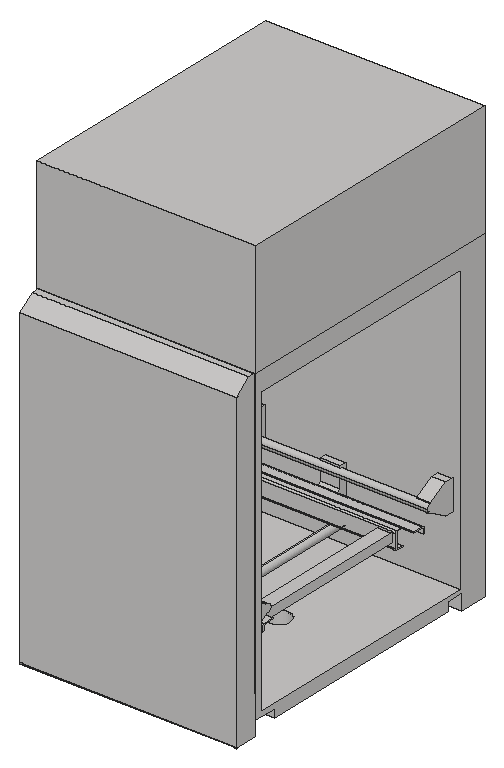
Revit family "QF_ELECTROLUXPROFESSIONAL_535138_NMHABDR6M", category Specialty Equipment, Revit 2018
Family settings
  Round Connector Dimension = Use Diameter
  Part Type = Normal
  Work Plane-Based = No
  Always vertical = Yes
  Cut with Voids When Loaded = No
  Shared = No
  Room Calculation Point = No
Parameters (values of type "NMHDRE56")
  Weight = 0.00 kg
  Watts = 0 W
  Volts = 0 V
  URL Manufacturer = ""
  URL = "http://professional.electrolux.com"
  Steam Supply Size = 0 mm
  Steam Supply Minimum Pressure = 0.0 Pa
  Steam Supply Maximum Pressure = 0.0 Pa
  Steam Pounds per Hour = 0
  Show Logo [instance] = yes
  Refrigeration Suction Line Size = 0 mm
  Refrigeration Liquid Line Size = 0 mm
  Refrigerant Compressor Remote = yes
  Manufacturer = "Electrolux"
  Phase = 0
  Model = "ESR10E5"
  Length Actual = 560 mm  # constant formula
  Show Clearance [instance] = yes
  Item Number = ""
  Hot Water Size = 0 mm
  Height Actual = 1130 mm  # constant formula
  HP = "5.9 HP"
  Gas Size = 0 mm
  Gas KW = 0
  Gas Input Pressure = 0 W
  Direct Waste Size = 50 mm
  Description = "SINGLE RINSE RT, 100R/H, ELECTRIC 50HZ"
  Depth Actual = 795 mm  # constant formula
  Cycle = 0 Hz
  Condensate Return Size = 0 mm
  Compressed Air Volume = 0.0 L/s
  Compressed Air Size = 0 mm
  Compressed Air Pressure = 0.0 Pa
  Cold Water Size = 0 mm
  Accessory = yes
Types (3, lengths in mm): name | Volts | URL Manufacturer | URL | Manufacturer | Phase | Model | Item Number | Description | Cycle
  (no name) | 0 V | "" | "http://professional.electrolux.com" | "Electrolux" | 0 | "ESR10E5" | "" | "SINGLE RINSE RT, 100R/H, ELECTRIC 50HZ" | 0 Hz
  NMHDRE56 | 0 V | "" | "http://professional.electrolux.com" | "Electrolux" | 0 | "ESR10E5" | "" | "SINGLE RINSE RT, 100R/H, ELECTRIC 50HZ" | 0 Hz
  Standard | 400 V | "http://professional.electrolux.com/" | "http://professional.electrolux.com/" | "Electrolux Professional" | 3 | "NMHABDR6M" | "535138" | "MEDIUM DRYER WITHOUT DOOR (HAB), DUAL RINSE RT, ELECTRIC, 440/ 3/ 60Hz-MARINE" | 60 Hz
Reference planes
  plane 1 "Center X": y = -10.242
  plane 2: z = 0
  plane 3 "LEFT": x = -383.563
  plane 4 "RIGHT": x = 176.437
  plane 5 "BACK": y = 388.258
  plane 6 "FEET": z = 150
  plane 7: z = 2095
  plane 8 "BASE": z = 187
  plane 9 "TOP": z = 1785
  plane 10 "FRONT": y = -408.742
  plane 11: y = 311.258
  plane 12 "Medium": z = 775
  plane 13 "DrainX": x = -35.563
Forms (mm)
  Extrusion 1, solid, material "QF_Finishes_Stainless Steel"
    sketch origin (176.437, 479.936, 4000) x (0, 1, 0) y (0, 0, 1)
      loop
        line (-96.678, -2215) -> (-828.678, -2215) -> (-828.678, -2507) -> (-96.678, -2507) -> (-96.678, -2215)
    from -560 to 0
  Extrusion 2, solid, material "QF_Finishes_Stainless Steel"
    sketch origin (-383.563, 437.565, 4000) x (0, 1, 0) y (0, 0, 1)
      loop
        line (-54.307, -2507) -> (-786.307, -2507) -> (-786.307, -3300) -> (-727.307, -3300) -> (-727.307, -3322) -> (-171.307, -3322) -> (-171.307, -3300) -> (-126.307, -3300) -> (-126.307, -3340) -> (-54.307, -3340) -> (-54.307, -2507)
      loop
        line (-129.307, -2557) -> (-769.307, -2557) -> (-769.307, -3290) -> (-129.307, -3290) -> (-129.307, -2557)
    from 560 to 0
  Revolve 3, solid, material "QF_Finishes_Stainless Steel"
    sketch origin (-35.563, 0, 0) x (0, -1, 0) y (0, 0, 1)
      loop
        line (35.242, 613) -> (35.242, 633) -> (40.242, 633) -> (40.242, 663) -> (47.242, 663) -> (47.242, 678) -> (30.242, 678) -> (30.242, 613) -> (35.242, 613)
      axis (10.242, 613) -> (10.242, 678)
    angle from 0 to 360
  Extrusion 4, void
    sketch origin (0, 0, 775) x (-1, 0, 0) y (0, -1, 0)
      loop
        circle (36.563, 10.242) r 30
    from 0 to -97
  Extrusion 5, solid, material "QF_Clearance", detail levels coarse
    sketch origin (516.437, -74.242, 0) x (1, 0, 0) y (0, 1, 0)
      loop
        line (-900, 462.5) -> (-340, 462.5) -> (-340, 512.5) -> (-900, 512.5) -> (-900, 462.5)
    from 659 to 1785
Cuts and joins
  Extrusion 4 cuts Extrusion 2
Lines and regions (mm)
  symbolic lines
    curve 1: line (-383.563, 383.258, 0) -> (176.437, 383.258, 0)
    curve 2: line (-383.563, -348.742, 0) -> (-383.563, 383.258, 0)
    curve 3: line (176.437, -348.742, 0) -> (-383.563, -348.742, 0)
    curve 4: line (176.437, 383.258, 0) -> (176.437, -348.742, 0)
    curve 7: line (-383.563, 383.258, 0) -> (177.437, -348.742, 0)
    curve 8: line (-383.563, -10.242, 0) -> (-358.563, -10.242, 0)
    curve 9: line (176.437, -10.242, 0) -> (151.437, -10.242, 0)
  symbolic lines, style "SpecialityEquipment"
    curve 5: line (176.437, -281.742, 0) -> (-383.563, -281.742, 0)
    curve 6: line (-383.563, 308.258, 0) -> (176.437, 308.258, 0)
  symbolic lines, style "QF_Clearances"
    curve 10: line (-383.563, 438.258, 0) -> (176.437, 438.258, 0)
Dimensions and locks
  plane 3 "LEFT" to plane 4 "RIGHT" = 560 mm
  plane 5 "BACK" to plane 1 "Center X" to plane 10 "FRONT" = 398.5 mm, 398.5 mm
  plane 6 "FEET" to level = 150 mm
  plane 6 "FEET" to plane 9 "TOP" = 1635 mm
  plane 5 "BACK" to plane 10 "FRONT" = 797 mm  (x2)
  plane 4 "RIGHT" to plane 3 "LEFT" = 560 mm
  nested 1 to nested 2 to nested 2 = 732 mm, 60 mm
  plane 12 "Medium" to level = 775 mm
  plane 3 "LEFT" to plane 13 "DrainX" = 348 mm
  aligned and locked: level to plane 2
Nested families
  nested 1: "Basket_Guide+Wash_Arm_22''" at (-514, 0, 0), type "Basket_Guide+Wash_Arm_22''"
  nested 2: "DoorHDryer_22''" at (-453, 0, 0), Show Clearance <- "Show Clearance", type "DoorHDryer_22''"
Connectors
  piping at (-35.563, -10.242, 613), diameter 50
    settings: on Revolve 3, index 1, connector inside diameter 609.6 mm, connector length 0 mm, flow factor 0, pipe flow 0.0 L/s, pressure drop 0.0 Pa, fitting loss kfactor 0, connector angle 0.00°, fixture units 0, engagement length 0 mm, angle of deflection 0.00°, flow configuration 1, flow direction 2, fitting loss method 0, system type 16, joint type 0, gender type 0, connector reference index -1, connector utility 0, adjustable connector no, is connector primary yes, connector description "DRAIN"
Definition of nested family "Basket_Guide+Wash_Arm_22''"
  Reference planes
    plane 1: z = 0
    plane 2 "Center Y": x = 409.437
    plane 3 "LEFT": x = 130.437
    plane 4 "BACK": y = 383.258
    plane 5 "FRONT": y = -408.742
    plane 6: z = 150
    plane 7 "TOP": z = 1785
    plane 8: z = 875
    plane 9 "RIGHT": x = 688.437
  Forms (mm)
    Extrusion 1, solid
      sketch origin (243.437, -18.984, 0) x (0, -1, 0) y (0, 0, 1)
        loop
          line (264.703, 929.245) -> (264.703, 907.554) -> (312.758, 879.81) -> (312.758, 956.99) -> (264.703, 929.245)
        loop
          line (-259.187, 929.245) -> (-307.242, 956.99) -> (-327.242, 956.99) -> (-327.242, 879.81) -> (-307.242, 879.81) -> (-259.187, 907.554) -> (-259.187, 929.245)
      from -424 to -388
    Extrusion 2, solid
      sketch origin (293.437, -18.984, 0) x (0, -1, 0) y (0, 0, 1)
        loop
          circle (264.703, 918.4) r 10
        loop
          circle (-259.187, 918.4) r 10
      from -374 to 142
    Extrusion 3, solid
      sketch origin (293.437, -18.984, 0) x (0, -1, 0) y (0, 0, 1)
        loop
          line (-252.564, 858) -> (-252.564, 870.68)
          arc (-252.564, 870.68) -> (-251.884, 872.32) -> (-250.244, 873) r 2.32
          line (-250.244, 873) -> (-222.564, 873) -> (-222.564, 875) -> (-250.244, 875)
          arc (-250.244, 875) -> (-253.299, 873.735) -> (-254.564, 870.68) r 4.32
          line (-254.564, 870.68) -> (-254.564, 858) -> (-252.564, 858)
        loop
          line (258.08, 858) -> (260.08, 858) -> (260.08, 870.68)
          arc (260.08, 870.68) -> (258.815, 873.735) -> (255.76, 875) r 4.32
          line (255.76, 875) -> (228.08, 875) -> (228.08, 873) -> (255.76, 873)
          arc (255.76, 873) -> (257.401, 872.32) -> (258.08, 870.68) r 2.32
          line (258.08, 870.68) -> (258.08, 858)
      from -360 to 128
    Extrusion 4, solid
      sketch origin (293.437, -18.984, 0) x (0, -1, 0) y (0, 0, 1)
        loop
          arc (-216.187, 825.32) -> (-216.866, 823.679) -> (-218.507, 823) r 2.32
          line (-218.507, 823) -> (-236.187, 823) -> (-236.187, 821) -> (-218.507, 821)
          arc (-218.507, 821) -> (-215.452, 822.265) -> (-214.187, 825.32) r 4.32
          line (-214.187, 825.32) -> (-214.187, 861.68)
          arc (-214.187, 861.68) -> (-215.452, 864.735) -> (-218.507, 866) r 4.32
          line (-218.507, 866) -> (-236.187, 866) -> (-236.187, 864) -> (-218.507, 864)
          arc (-218.507, 864) -> (-216.866, 863.32) -> (-216.187, 861.68) r 2.32
          line (-216.187, 861.68) -> (-216.187, 825.32)
        loop
          line (221.703, 825.32) -> (221.703, 861.68)
          arc (221.703, 861.68) -> (222.383, 863.32) -> (224.023, 864) r 2.32
          line (224.023, 864) -> (241.703, 864) -> (241.703, 866) -> (224.023, 866)
          arc (224.023, 866) -> (220.969, 864.735) -> (219.703, 861.68) r 4.32
          line (219.703, 861.68) -> (219.703, 825.32)
          arc (219.703, 825.32) -> (220.969, 822.265) -> (224.023, 821) r 4.32
          line (224.023, 821) -> (241.703, 821) -> (241.703, 823) -> (224.023, 823)
          arc (224.023, 823) -> (222.383, 823.679) -> (221.703, 825.32) r 2.32
      from -320 to 88
    Extrusion 5, solid
      sketch origin (575.437, -18.984, 0) x (0, -1, 0) y (0, 0, 1)
        loop
          line (264.703, 929.245) -> (264.703, 907.554) -> (312.758, 879.81) -> (312.758, 956.99) -> (264.703, 929.245)
        loop
          line (-259.187, 929.245) -> (-307.242, 956.99) -> (-327.242, 956.99) -> (-327.242, 879.81) -> (-307.242, 879.81) -> (-259.187, 907.554) -> (-259.187, 929.245)
      from 424 to 388
    Extrusion 6, solid
      sketch origin (243.437, -18.984, 0) x (0, -1, 0) y (0, 0, 1)
        loop
          line (219.703, 858) -> (-214.187, 858) -> (-214.187, 836) -> (219.703, 836) -> (219.703, 858)
      from -360 to -325
    Extrusion 7, solid
      sketch origin (575.437, -18.984, 0) x (0, -1, 0) y (0, 0, 1)
        loop
          line (219.703, 858) -> (-214.187, 858) -> (-214.187, 836) -> (219.703, 836) -> (219.703, 858)
      from 360 to 325
    Extrusion 8, solid
      sketch origin (409.437, 308.258, 1443) x (0, 0, 1) y (-1, 0, 0)
        loop
          line (-650.516, 7.5) -> (-663.507, 15) -> (-676.497, 7.5) -> (-676.497, -7.5) -> (-663.507, -15) -> (-650.516, -7.5) -> (-650.516, 7.5)
        loop
          line (-22.01, 7.5) -> (-35, 15) -> (-47.99, 7.5) -> (-47.99, -7.5) -> (-35, -15) -> (-22.01, -7.5) -> (-22.01, 7.5)
      from 0 to 30
    Extrusion 9, solid
      sketch origin (409.437, 278.258, 1443) x (0, 0, 1) y (-1, 0, 0)
        loop
          circle (-663.507, 0) r 10
        loop
          circle (-35, 0) r 10
      from 0 to 537.443
    Extrusion 10, solid
      sketch origin (409.437, -38.984, 0) x (0, -1, 0) y (0, 0, 1)
        loop
          line (244.703, 880.8) -> (236.703, 872.8) -> (221.703, 872.8) -> (221.703, 855.89) -> (201.703, 855.89) -> (201.703, 833.698) -> (238.1, 833.698) -> (209.284, 804.882) -> (200.502, 763.596) -> (201.48, 763.388) -> (210.201, 804.385) -> (262.124, 856.308) -> (262.124, 933.4) -> (244.703, 933.4) -> (244.703, 880.8)
        loop
          line (-279.187, 880.8) -> (-279.187, 933.4) -> (-296.608, 933.4) -> (-296.608, 856.308) -> (-273.998, 833.698) -> (-236.187, 833.698) -> (-236.187, 855.89) -> (-256.187, 855.89) -> (-256.187, 872.8) -> (-271.187, 872.8) -> (-279.187, 880.8)
        loop
          line (220.202, 1443) -> (218.202, 1443) -> (218.202, 1420.7) -> (195.852, 1381.988) -> (197.584, 1380.988) -> (220.202, 1420.164) -> (220.202, 1443)
      from -25 to 25
  Cuts and joins
    joined: Extrusion 1, Extrusion 2, Extrusion 3, Extrusion 4, Extrusion 5, Extrusion 6, Extrusion 7, Extrusion 8, Extrusion 9, Extrusion 10
  Dimensions and locks
    plane 3 "LEFT" to plane 9 "RIGHT" = 558 mm
    equal spacing: plane 3 "LEFT", plane 2 "Center Y", plane 9 "RIGHT", locked at 279 each
    plane 7 "TOP" to plane 6 to level = 1635 mm, 150 mm
    plane 4 "BACK" to plane 5 "FRONT" = 792 mm
    aligned and locked: level to plane 1
  Automatic sketch dimensions
    plane 8 to Extrusion 1 sketch curve = 4.81 mm  (x2)
    Extrusion 1 sketch curve to plane 4 "BACK" = 75 mm
    Extrusion 1 sketch curve to Extrusion 1 sketch curve = 20 mm  (x2)
    Extrusion 1 sketch curve to Extrusion 1 sketch curve = 48.055 mm  (x2)
    plane 8 to Extrusion 1 sketch curve = 32.554 mm  (x2)
    plane 5 "FRONT" to Extrusion 1 sketch curve = 125.055 mm
    Extrusion 1 sketch curve to Extrusion 1 sketch curve = 21.691 mm  (x2)
    Extrusion 1 sketch curve to Extrusion 1 sketch curve = 27.745 mm  (x2)
    plane 8 to Extrusion 2 sketch curve = 43.4 mm  (x2)
    Extrusion 2 sketch curve to plane 4 "BACK" = 143.055 mm
    plane 5 "FRONT" to Extrusion 2 sketch curve = 125.055 mm
    Extrusion 3 sketch curve to Extrusion 3 sketch curve = 0 mm  (x4)
    Extrusion 3 sketch curve to plane 8 = 0 mm  (x2)
    Extrusion 3 sketch curve to plane 8 = 4.32 mm  (x2)
    Extrusion 3 sketch curve to plane 4 "BACK" = 147.678 mm
    Extrusion 3 sketch curve to Extrusion 3 sketch curve = 2 mm  (x2)
    Extrusion 3 sketch curve to Extrusion 3 sketch curve = 27.68 mm  (x2)
    plane 5 "FRONT" to Extrusion 3 sketch curve = 161.678 mm
    Extrusion 3 sketch curve to Extrusion 3 sketch curve = 12.68 mm  (x2)
    Extrusion 4 sketch curve to Extrusion 4 sketch curve = 0 mm  (x9)
    Extrusion 4 sketch curve to plane 8 = 9 mm
    Extrusion 4 sketch curve to plane 4 "BACK" = 166.055 mm
    Extrusion 4 sketch curve to Extrusion 4 sketch curve = 17.68 mm  (x4)
    Extrusion 4 sketch curve to Extrusion 4 sketch curve = 2.32 mm  (x3)
    Extrusion 4 sketch curve to Extrusion 4 sketch curve = 2 mm  (x2)
    Extrusion 4 sketch curve to plane 8 = 49.68 mm
    plane 5 "FRONT" to Extrusion 4 sketch curve = 170.055 mm
    Extrusion 4 sketch curve to Extrusion 4 sketch curve = 43 mm
    Extrusion 4 sketch curve to plane 8 = 13.32 mm
    plane 8 to Extrusion 5 sketch curve = 4.81 mm  (x2)
    Extrusion 5 sketch curve to plane 4 "BACK" = 75 mm
    Extrusion 5 sketch curve to Extrusion 5 sketch curve = 20 mm  (x2)
    Extrusion 5 sketch curve to Extrusion 5 sketch curve = 48.055 mm  (x2)
    plane 8 to Extrusion 5 sketch curve = 32.554 mm  (x2)
    plane 5 "FRONT" to Extrusion 5 sketch curve = 125.055 mm
    Extrusion 5 sketch curve to Extrusion 5 sketch curve = 21.691 mm  (x2)
    Extrusion 5 sketch curve to Extrusion 5 sketch curve = 27.745 mm  (x2)
    Extrusion 6 sketch curve to plane 8 = 17 mm
    Extrusion 6 sketch curve to plane 4 "BACK" = 188.055 mm
    Extrusion 6 sketch curve to plane 8 = 39 mm
    plane 5 "FRONT" to Extrusion 6 sketch curve = 170.055 mm
    Extrusion 7 sketch curve to plane 8 = 17 mm
    Extrusion 7 sketch curve to plane 4 "BACK" = 188.055 mm
    Extrusion 7 sketch curve to plane 8 = 39 mm
    plane 5 "FRONT" to Extrusion 7 sketch curve = 170.055 mm
    Extrusion 8 sketch curve to plane 2 "Center Y" = 7.5 mm  (x4)
    Extrusion 8 sketch curve to plane 8 = 108.497 mm
    Extrusion 8 sketch curve to plane 2 "Center Y" = 15 mm  (x2)
    Extrusion 8 sketch curve to Extrusion 8 sketch curve = 12.99 mm  (x6)
    plane 2 "Center Y" to Extrusion 8 sketch curve = 15 mm  (x2)
    Extrusion 8 sketch curve to plane 7 "TOP" = 389.99 mm
    plane 2 "Center Y" to Extrusion 8 sketch curve = 7.5 mm  (x4)
    plane 8 to Extrusion 10 sketch curve = 58.4 mm
    Extrusion 10 sketch curve to plane 4 "BACK" = 125.634 mm
    Extrusion 10 sketch curve to Extrusion 10 sketch curve = 17.421 mm  (x3)
    plane 8 to Extrusion 10 sketch curve = 5.8 mm  (x2)
    Extrusion 10 sketch curve to plane 8 = 41.302 mm  (x2)
    Extrusion 10 sketch curve to Extrusion 10 sketch curve = 22.61 mm
    Extrusion 10 sketch curve to plane 8 = 2.2 mm  (x2)
    Extrusion 10 sketch curve to Extrusion 10 sketch curve = 8 mm  (x2)
    Extrusion 10 sketch curve to Extrusion 10 sketch curve = 15 mm  (x2)
    Extrusion 10 sketch curve to Extrusion 10 sketch curve = 20 mm  (x2)
    plane 5 "FRONT" to Extrusion 10 sketch curve = 173.907 mm
    Extrusion 10 sketch curve to Extrusion 10 sketch curve = 1.732 mm
    plane 5 "FRONT" to Extrusion 10 sketch curve = 169.257 mm
    Extrusion 10 sketch curve to Extrusion 10 sketch curve = 0.978 mm
    Extrusion 10 sketch curve to plane 8 = 19.11 mm
    Extrusion 10 sketch curve to Extrusion 10 sketch curve = 1.202 mm
    Extrusion 10 sketch curve to plane 8 = 70.118 mm
    Extrusion 10 sketch curve to Extrusion 10 sketch curve = 7.581 mm
    Extrusion 10 sketch curve to plane 8 = 70.615 mm
    Extrusion 10 sketch curve to Extrusion 10 sketch curve = 0.916 mm
    Extrusion 10 sketch curve to Extrusion 10 sketch curve = 22.35 mm
    Extrusion 10 sketch curve to Extrusion 10 sketch curve = 2 mm
    Extrusion 10 sketch curve to Extrusion 10 sketch curve = 16.397 mm
    Extrusion 10 sketch curve to Extrusion 10 sketch curve = 0 mm
    Extrusion 10 sketch curve to Extrusion 10 sketch curve = 16.909 mm
    Extrusion 10 sketch curve to plane 8 = 18.692 mm  (x2)
    Extrusion 10 sketch curve to Extrusion 10 sketch curve = 52.6 mm
    Extrusion 10 sketch curve to plane 7 "TOP" = 404.012 mm
    Extrusion 10 sketch curve to Extrusion 10 sketch curve = 1 mm
    Extrusion 10 sketch curve to Extrusion 10 sketch curve = 22.3 mm
    Extrusion 9 sketch curve to Extrusion 8 = 12.99 mm  (x3)
    Extrusion 9 sketch curve to Extrusion 9 sketch curve = 0 mm
    radius of Extrusion 2 sketch curve = 10 mm  (x2)
    radius of Extrusion 9 sketch curve = 10 mm  (x2)
Definition of nested family "DoorHDryer_22''"
  Parameters
    Show Clearance [instance] = yes
  Reference planes
    plane 1: z = 0
    plane 2 "Center Y": x = 350.437
    plane 3 "LEFT": x = 70.437
    plane 4 "RIGHT": x = 630.437
    plane 5 "FRONT": y = -408.742
    plane 6: z = 150
    plane 7: y = -348.742
    plane 8: z = 775
  Forms (mm)
    Extrusion 1, solid
      sketch origin (350.437, 0, 0) x (0, 1, 0) y (0, 0, 1)
        loop
          line (-351.742, 1493) -> (-368.817, 1493) -> (-408.742, 1463.413) -> (-408.742, 661.5)
          arc (-408.742, 661.5) -> (-408.01, 659.732) -> (-406.242, 659) r 2.5
          line (-406.242, 659) -> (-348.742, 659) -> (-348.742, 758.131) -> (-351.742, 758.971) -> (-351.742, 1493)
      from -277 to 277
  Lines and regions (mm)
    symbolic lines
      curve 1: line (73.437, -408.742, 1785) -> (73.437, -348.742, 1785)
      curve 2: line (627.437, -408.742, 1785) -> (73.437, -408.742, 1785)
      curve 3: line (627.437, -348.742, 1785) -> (627.437, -408.742, 1785)
  Dimensions and locks
    locked: plane 3 "LEFT" to plane 4 "RIGHT" at 560
    plane 6 to level = 150 mm
    equal spacing: plane 3 "LEFT", plane 2 "Center Y", plane 4 "RIGHT", locked at 280 each
    plane 8 to level = 775 mm
    aligned and locked: level to plane 1
  Automatic sketch dimensions
    curve 1 to plane 7 = 0 mm
    curve 3 to plane 7 = 0 mm
    curve 2 to plane 5 "FRONT" = 0 mm
    plane 3 "LEFT" to curve 2 = 3 mm
    curve 2 to plane 4 "RIGHT" = 3 mm
    Extrusion 1 sketch curve to plane 5 "FRONT" = 0 mm
    Extrusion 1 sketch curve to plane 7 = 0 mm
    Extrusion 1 sketch curve to plane 7 = 20.076 mm
    Extrusion 1 sketch curve to plane 7 = 3 mm
    plane 8 to Extrusion 1 sketch curve = 688.413 mm
    Extrusion 1 sketch curve to Extrusion 1 sketch curve = 29.587 mm
    Extrusion 1 sketch curve to plane 8 = 16.029 mm
    Extrusion 1 sketch curve to Extrusion 1 sketch curve = 0.839 mm
    Extrusion 1 sketch curve to Extrusion 1 sketch curve = 97.471 mm
    Extrusion 1 sketch curve to Extrusion 1 sketch curve = 2.5 mm
